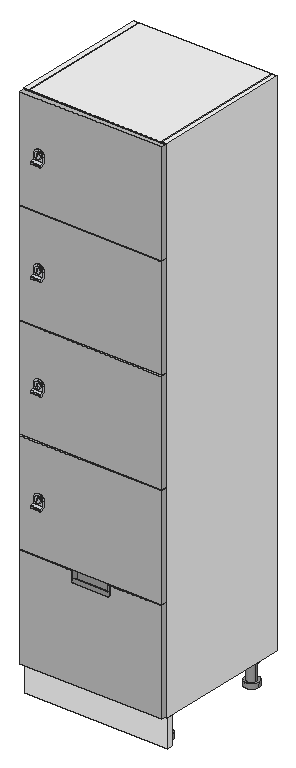
Revit family "1900H Locker 4 Door 1 Drawer", category Casework, Revit 2016
Family settings
  OmniClass Number = 23.40.35.00
  OmniClass Title = Casework
  Work Plane-Based = No
  Always vertical = Yes
  Cut with Voids When Loaded = No
  Shared = No
  Room Calculation Point = No
Parameters (values of type "LW519C5ABNP")
  WarrantyGuarantorParts = "www.bisley.com"  # constant formula
  WarrantyGuarantorLabour = "www.bisley.com"  # constant formula
  WarrantyDurationUnit = "Years"  # constant formula
  WarrantyDurationParts = "5"  # constant formula
  WarrantyDurationLabour = "5"  # constant formula
  WarrantyDescription = "5 Years Parts & Labour"  # constant formula
  Uniclass2015Version = "3.1"  # constant formula
  Uniclass2015Title = "Lockers"  # constant formula
  Uniclass2015Code = "Pr_40_30_78_48"  # constant formula
  URL = "www.bisley.com"
  SustainabilityPerformance = "FSC Approved"  # constant formula
  SerialNumber = ""
  NominalWidth = Width  # 500 mm
  NominalLength = Depth  # 500 mm
  NominalHeight = Height  # 1900 mm
  Name = "1900H 4 Door 1 Drawer"  # constant formula
  NBSReference = "45-35-80/380"  # constant formula
  NBSDescription = "General fittings, furnishings and equipment system"  # constant formula
  ModelReference = "LW519C5ABNP"
  Model = "Lockerwall"  # constant formula
  Material = "MFC"  # constant formula
  ManufacturerURL = "www.bisley.com"  # constant formula
  Manufacturer = "Bisley"  # constant formula
  ManufactureName = "Bisley"  # constant formula
  M3 Lock = no
  Foot [instance] = Foot 100 : Foot 100
  Finish = "Matt"  # constant formula
  E4 Lock = no
  DurationUnit = "Years"  # constant formula
  Depth = 500 mm
  Height = 1900 mm
  Width = 500 mm
  Carcass Material = "MFC"  # constant formula
  Author = "Bisley"  # constant formula
  AssetType = "Fixed"  # constant formula
  AB Lock = yes
Reference planes
  plane 1 "Back": y = 0
  plane 2: z = 0
  plane 3 "Center (Left/Right)": x = 44.7
  plane 4 "Front": y = -500
  plane 5 "Left": x = -205.3
  plane 6 "Right": x = 294.7
  plane 7 "Top": z = 1900
  plane 8 "Base": z = 98
  plane 9 "Base Left": x = -187.3
  plane 10 "Base Right": x = 276.7
  plane 11: y = -482
  plane 12: y = -10.5
  plane 13: y = -29.5
  plane 14 "Back Base": z = 110.5
  plane 15: z = 1887.5
  plane 16: z = 95
  plane 17 "Plinth": y = -477
  plane 18: y = -459
  plane 19: z = 101
  plane 20: z = 457
  plane 21: z = 461
  plane 22: z = 817
  plane 23: z = 821
  plane 24: z = 1177
  plane 25: x = -203.3
  plane 26: x = 292.7
  plane 27 "Shelf 2": z = 810
  plane 28 "Shelf 1": z = 450
  plane 29 "Shelf 3": z = 1170
  plane 30: z = 1181
  plane 31: z = 1537
  plane 32: z = 1528
  plane 33: z = 1541
  plane 34: z = 1897
  plane 35: x = -21.8
  plane 36: x = 111.2
  plane 37: z = 421.02
  plane 38: z = 426.02
  plane 39: x = -16.8
  plane 40: x = 106.2
  plane 41: z = 426.02
Forms (mm)
  Extrusion 1, solid, not visible
    sketch origin (-1691.73, 346.204, -12) x (1, 0, 0) y (0, 0, 1)
      loop
        line (48, 12) -> (56, 12) -> (56, 20) -> (48, 20) -> (48, 12)
    from 0 to 26
  Extrusion 2, solid, not visible
    sketch origin (-1683.73, 346.204, -12) x (-1, 0, 0) y (0, 0, -1)
      loop
        line (48, -12) -> (48, -20) -> (56, -20) -> (56, -12) -> (48, -12)
    from 0 to 26
  Extrusion 3, solid, not visible
    sketch origin (-1687.73, 350.204, -3.997) x (0, 1, 0) y (0, 0, 1)
      loop
        line (-26, 3.997) -> (-26, 11.997) -> (-34, 11.997) -> (-34, 3.997) -> (-26, 3.997)
    from -52 to 52
  Extrusion 4, solid, material "MFC 1"
    sketch origin (0, 0, 0) x (1, 0, 0) y (0, 1, 0)
      loop
        line (-205.3, -482) -> (-187.3, -482) -> (-187.3, 0) -> (-205.3, 0) -> (-205.3, -482)
    from 98 to 1900
  Extrusion 5, solid, material "MFC 1"
    sketch origin (0, 0, 98) x (-1, 0, 0) y (0, -1, 0)
      loop
        line (-276.7, 482) -> (-294.7, 482) -> (-294.7, 0) -> (-276.7, 0) -> (-276.7, 482)
    from 0 to 1802
  Extrusion 6, solid, material "MFC 1"
    sketch origin (0, 0, 98) x (-1, 0, 0) y (0, -1, 0)
      loop
        line (187.3, 482) -> (-276.7, 482) -> (-276.7, 0) -> (187.3, 0) -> (187.3, 482)
    from 0 to 18
  Extrusion 7, void
    sketch origin (276.7, 0, 0) x (0, 1, 0) y (0, 0, 1)
      loop
        line (-29.5, 110.5) -> (-10.5, 110.5) -> (-10.5, 116) -> (-29.5, 116) -> (-29.5, 110.5)
    from 0 to -464
  Extrusion 8, solid, material "MFC 1"
    sketch origin (0, 0, 1540) x (0, -1, 0) y (1, 0, 0)
      loop
        line (482, -187.3) -> (482, 276.7) -> (0, 276.7) -> (0, -187.3) -> (482, -187.3)
    from 360 to 342
  Extrusion 9, void
    sketch origin (276.7, 0, 0) x (0, 1, 0) y (0, 0, 1)
      loop
        line (-29.5, 1884.5) -> (-10.5, 1884.5) -> (-10.5, 1887.5) -> (-29.5, 1887.5) -> (-29.5, 1884.5)
    from 0 to -464
  Extrusion 10, solid, material "MFC 1"
    sketch origin (0, 0, 110.5) x (0, -1, 0) y (1, 0, 0)
      loop
        line (29.5, -187.3) -> (29.5, 276.7) -> (10.5, 276.7) -> (10.5, -187.3) -> (29.5, -187.3)
    from 0 to 1777
  Extrusion 11, solid, material "MFC 1"
    sketch origin (0, 0, 0) x (1, 0, 0) y (0, 1, 0)
      loop
        line (-205.3, -477) -> (294.7, -477) -> (294.7, -459) -> (-205.3, -459) -> (-205.3, -477)
    from 0 to 95
  Extrusion 12, solid, material "MFC 2"
    sketch origin (0, -500, 0) x (1, 0, 0) y (0, 0, 1)
      loop
        line (-203.3, 821) -> (292.7, 821) -> (292.7, 1177) -> (-203.3, 1177) -> (-203.3, 821)
    from 0 to -18
  Extrusion 13, solid, material "MFC 2"
    sketch origin (0, -500, 0) x (1, 0, 0) y (0, 0, 1)
      loop
        line (-203.3, 461) -> (292.7, 461) -> (292.7, 817) -> (-203.3, 817) -> (-203.3, 461)
    from 0 to -18
  Extrusion 14, solid, material "MFC 2"
    sketch origin (0, -500, 0) x (1, 0, 0) y (0, 0, 1)
      loop
        line (-203.3, 101) -> (292.7, 101) -> (292.7, 457) -> (-203.3, 457) -> (-203.3, 101)
    from 0 to -18
  Extrusion 15, solid, material "MFC 1"
    sketch origin (0, 0, 450) x (-1, 0, 0) y (0, -1, 0)
      loop
        line (187.3, 482) -> (-276.7, 482) -> (-276.7, 29.5) -> (187.3, 29.5) -> (187.3, 482)
    from 0 to 18
  Extrusion 16, solid, material "MFC 1"
    sketch origin (0, 0, 810) x (-1, 0, 0) y (0, -1, 0)
      loop
        line (187.3, 482) -> (-276.7, 482) -> (-276.7, 29.5) -> (187.3, 29.5) -> (187.3, 482)
    from 0 to 18
  Extrusion 17, solid, material "MFC 1"
    sketch origin (0, 0, 1170) x (-1, 0, 0) y (0, -1, 0)
      loop
        line (187.3, 482) -> (-276.7, 482) -> (-276.7, 29.5) -> (187.3, 29.5) -> (187.3, 482)
    from 0 to 18
  Extrusion 18, solid, material "MFC 2"
    sketch origin (0, -500, 0) x (1, 0, 0) y (0, 0, 1)
      loop
        line (-203.3, 1181) -> (292.7, 1181) -> (292.7, 1537) -> (-203.3, 1537) -> (-203.3, 1181)
    from 0 to -18
  Extrusion 19, solid, material "MFC 1"
    sketch origin (0, 0, 1528) x (-1, 0, 0) y (0, -1, 0)
      loop
        line (187.3, 482) -> (-276.7, 482) -> (-276.7, 29.5) -> (187.3, 29.5) -> (187.3, 482)
    from 0 to 18
  Extrusion 20, solid, material "MFC 2"
    sketch origin (0, -500, 360) x (1, 0, 0) y (0, 0, 1)
      loop
        line (-203.3, 1181) -> (292.7, 1181) -> (292.7, 1537) -> (-203.3, 1537) -> (-203.3, 1181)
    from 0 to -18
  Extrusion 21, void
    sketch origin (0, -500, 0) x (1, 0, 0) y (0, 0, 1)
      loop
        line (111.2, 457) -> (-21.8, 457) -> (-21.8, 426.02)
        arc (-21.8, 426.02) -> (-20.335, 422.485) -> (-16.8, 421.02) r 5
        line (-16.8, 421.02) -> (106.2, 421.02)
        arc (106.2, 421.02) -> (109.736, 422.485) -> (111.2, 426.02) r 5
        line (111.2, 426.02) -> (111.2, 457)
    from 0 to -18
Cuts and joins
  Extrusion 7, Extrusion 9 cuts Extrusion 5
  Extrusion 7 cuts Extrusion 6
  Extrusion 9 cuts Extrusion 4
  Extrusion 9 cuts Extrusion 8
  Extrusion 21 cuts Extrusion 14
  Extrusion 21 cuts Extrusion 15
Dimensions and locks
  "Width": plane 6 "Right" to plane 5 "Left"
  equal spacing: plane 6 "Right", plane 3 "Center (Left/Right)", plane 5 "Left"
  "Depth": plane 4 "Front" to plane 1 "Back"
  "Height": level to plane 7 "Top"
  locked: plane 5 "Left" to plane 9 "Base Left" at 18
  locked: plane 10 "Base Right" to plane 6 "Right" at 18
  locked: plane 7 "Top" to plane 15 at 12.5
  Extrusion 10 to plane 1 "Back" = 10.5 mm
  locked: nested 1 to plane 6 "Right" at 68
  locked: nested 2 to plane 6 "Right" at 68
  locked: plane 1 "Back" to nested 3 at 79.5
  locked: plane 11 to plane 4 "Front" at 18
  locked: plane 17 "Plinth" to plane 4 "Front" at 23
  locked: plane 18 to plane 4 "Front" at 41
  locked: nested 1 to plane 4 "Front" at 91
  locked: plane 5 "Left" to nested 4 at 68
  locked: plane 5 "Left" to nested 3 at 68
  locked: plane 4 "Front" to nested 4 at 91
  locked: plane 6 "Right" to plane 26 at 2
  locked: plane 25 to plane 5 "Left" at 2
  locked: plane 5 "Left" to nested 6 at 51
  locked: plane 5 "Left" to nested 5 at 51
  locked: plane 5 "Left" to nested 8 at 40.5
  locked: plane 5 "Left" to nested 7 at 40.5
  locked: plane 5 "Left" to nested 10 at 54.3
  locked: plane 5 "Left" to nested 9 at 54.3
  locked: plane 5 "Left" to nested 13 at 40.5
  locked: plane 5 "Left" to nested 11 at 51
  locked: plane 5 "Left" to nested 12 at 54.3
  locked: plane 5 "Left" to nested 16 at 40.5
  locked: plane 5 "Left" to nested 14 at 51
  locked: plane 5 "Left" to nested 15 at 54.3
  aligned and locked: level to plane 2
  aligned and locked: Extrusion 4 sketch curve to plane 11
  aligned and locked: Extrusion 4 sketch curve to plane 5 "Left"
  aligned and locked: Extrusion 4 sketch curve to plane 1 "Back"
  aligned and locked: plane 9 "Base Left" to Extrusion 4 sketch curve
  aligned and locked: Extrusion 4 to plane 8 "Base"
  aligned and locked: Extrusion 4 to plane 7 "Top"
  aligned and locked: Extrusion 5 sketch curve to plane 11
  aligned and locked: Extrusion 5 sketch curve to plane 10 "Base Right"
  aligned and locked: Extrusion 5 sketch curve to plane 1 "Back"
  aligned and locked: plane 6 "Right" to Extrusion 5 sketch curve
  aligned and locked: Extrusion 5 to plane 7 "Top"
  aligned and locked: Extrusion 5 to plane 8 "Base"
  aligned and locked: Extrusion 4 to Extrusion 6 sketch curve
  aligned and locked: Extrusion 6 sketch curve to Extrusion 4
  aligned and locked: Extrusion 5 to Extrusion 6 sketch curve
  aligned and locked: Extrusion 6 sketch curve to Extrusion 5
  aligned and locked: plane 6 "Right" to Extrusion 5
  aligned and locked: Extrusion 7 to plane 9 "Base Left"
  aligned and locked: plane 10 "Base Right" to Extrusion 7
  aligned and locked: Extrusion 8 sketch curve to cut or joined group of Extrusion 6, Extrusion 7  (x2)
  aligned and locked: Extrusion 8 sketch curve to Extrusion 4
  aligned and locked: Extrusion 8 sketch curve to cut or joined group of Extrusion 5, Extrusion 7, Extrusion 9
  aligned and locked: plane 15 to Extrusion 9 sketch curve
  aligned and locked: Extrusion 10 sketch curve to cut or joined group of Extrusion 6, Extrusion 7  (x2)
  aligned and locked: cut or joined group of Extrusion 6, Extrusion 7 to Extrusion 10 sketch curve  (x2)
  aligned and locked: Extrusion 10 to plane 14 "Back Base"
  aligned and locked: plane 15 to Extrusion 10
  aligned and locked: Extrusion 9 to plane 9 "Base Left"
  aligned and locked: Extrusion 11 sketch curve to plane 17 "Plinth"
  aligned and locked: Extrusion 11 sketch curve to plane 5 "Left"
  aligned and locked: Extrusion 11 sketch curve to plane 18
  aligned and locked: plane 6 "Right" to Extrusion 11 sketch curve
  aligned and locked: Extrusion 11 to plane 5 "Left"
  aligned and locked: plane 6 "Right" to Extrusion 11
  aligned and locked: Extrusion 5 to plane 11
  aligned and locked: Extrusion 4 to plane 11
  aligned and locked: Extrusion 12 to plane 25
  aligned and locked: plane 26 to Extrusion 12
  aligned and locked: Extrusion 12 to plane 23
  aligned and locked: Extrusion 12 to plane 24
  aligned and locked: Extrusion 13 sketch curve to plane 21
  aligned and locked: Extrusion 13 sketch curve to plane 25
  aligned and locked: Extrusion 13 sketch curve to plane 22
  aligned and locked: plane 26 to Extrusion 13 sketch curve
  aligned and locked: Extrusion 14 sketch curve to plane 19
  aligned and locked: Extrusion 14 sketch curve to plane 25
  aligned and locked: Extrusion 14 sketch curve to plane 20
  aligned and locked: plane 26 to Extrusion 14 sketch curve
  aligned and locked: Extrusion 15 sketch curve to cut or joined group of Extrusion 6, Extrusion 7  (x2)
  aligned and locked: cut or joined group of Extrusion 6, Extrusion 7 to Extrusion 15 sketch curve
  aligned and locked: nested 2 to Extrusion 15 sketch curve
  aligned and locked: Extrusion 16 sketch curve to cut or joined group of Extrusion 6, Extrusion 7  (x2)
  aligned and locked: cut or joined group of Extrusion 6, Extrusion 7 to Extrusion 16 sketch curve
  aligned and locked: nested 2 to Extrusion 16 sketch curve
  aligned and locked: Extrusion 8 to plane 7 "Top"
  aligned and locked: Extrusion 17 sketch curve to cut or joined group of Extrusion 6, Extrusion 7  (x2)
  aligned and locked: cut or joined group of Extrusion 6, Extrusion 7 to Extrusion 17 sketch curve
  aligned and locked: nested 2 to Extrusion 17 sketch curve
  aligned and locked: Extrusion 18 sketch curve to plane 30
  aligned and locked: Extrusion 18 sketch curve to plane 25
  aligned and locked: Extrusion 18 sketch curve to plane 31
  aligned and locked: plane 26 to Extrusion 18 sketch curve
  aligned and locked: cut or joined group of Extrusion 5, Extrusion 7, Extrusion 9 to Extrusion 8
  aligned and locked: Extrusion 20 sketch curve to plane 33
  aligned and locked: Extrusion 20 sketch curve to plane 34
Automatic sketch dimensions
  Extrusion 1 sketch curve to Extrusion 1 sketch curve = 8 mm  (x2)
  Extrusion 2 sketch curve to Extrusion 2 sketch curve = 8 mm  (x2)
  Extrusion 3 sketch curve to Extrusion 3 sketch curve = 8 mm  (x2)
  Extrusion 7 sketch curve to plane 13 = 0 mm
  Extrusion 7 sketch curve to plane 12 = 0 mm
  Extrusion 7 sketch curve to plane 14 "Back Base" = 0 mm
  Extrusion 7 sketch curve to Extrusion 7 sketch curve = 5.5 mm
  Extrusion 9 sketch curve to plane 13 = 0 mm
  Extrusion 9 sketch curve to plane 12 = 0 mm
  Extrusion 9 sketch curve to plane 15 = 3 mm
  Extrusion 12 sketch curve to plane 24 = 0 mm
  Extrusion 12 sketch curve to plane 25 = 0 mm
  Extrusion 12 sketch curve to plane 26 = 0 mm
  Extrusion 12 sketch curve to plane 23 = 0 mm
  Extrusion 19 sketch curve to plane 10 "Base Right" = 0 mm
  Extrusion 19 sketch curve to plane 9 "Base Left" = 0 mm
  Extrusion 19 sketch curve to plane 13 = 0 mm
  Extrusion 19 sketch curve to plane 11 = 0 mm
  Extrusion 20 sketch curve to plane 25 = 0 mm
  Extrusion 20 sketch curve to plane 26 = 0 mm
  Extrusion 21 sketch curve to plane 20 = 0 mm
  Extrusion 21 sketch curve to plane 35 = 0 mm
  Extrusion 21 sketch curve to plane 38 = 0 mm  (x2)
  Extrusion 21 sketch curve to plane 40 = 0 mm
  Extrusion 21 sketch curve to plane 36 = 0 mm
Nested families
  nested 1: "Foot 100" at (296.401, -409, 0) x (-1, 0, 0) z (0, 0, 1), type "Foot 100"
  nested 2: "Foot 100" at (296.401, -29.5, 0) x (-1, 0, 0) z (0, 0, 1), type "Foot 100"
  nested 3: "Foot 100" at (-207, -29.5, 0), type "Foot 100"
  nested 4: "Foot 100" at (-207, -409, 0), type "Foot 100"
  nested 5: "AB Lock" at (-182, -500, 613), visible <- "AB Lock", type "AB Lock"
  nested 6: "AB Lock" at (-182, -500, 973), visible <- "AB Lock", type "AB Lock"
  nested 7: "M3 Lock" at (-193, -500, 616), visible <- "M3 Lock", type "M3 Lock"
  nested 8: "M3 Lock" at (-193, -500, 976), visible <- "M3 Lock", type "M3 Lock"
  nested 9: "E4 Lock" at (-183, -500, 625), visible <- "E4 Lock", type "E4 Lock"
  nested 10: "E4 Lock" at (-183, -500, 985), visible <- "E4 Lock", type "E4 Lock"
  nested 11: "AB Lock" at (-182, -500, 1333), visible <- "AB Lock", type "AB Lock"
  nested 12: "E4 Lock" at (-183, -500, 1345), visible <- "E4 Lock", type "E4 Lock"
  nested 13: "M3 Lock" at (-193, -500, 1336), visible <- "M3 Lock", type "M3 Lock"
  nested 14: "AB Lock" at (-182, -500, 1693), visible <- "AB Lock", type "AB Lock"
  nested 15: "E4 Lock" at (-183, -500, 1705), visible <- "E4 Lock", type "E4 Lock"
  nested 16: "M3 Lock" at (-193, -500, 1696), visible <- "M3 Lock", type "M3 Lock"
  nested 17: "Drawer Handle" at (0, -481, 421), type "Drawer Handle"
Definition of nested family "Foot 100"
  Parameters (values of type "Foot 100")
    WarrantyGuarantorParts = "www.bisley.com"  # constant formula
    WarrantyGuarantorLabour = "www.bisley.com"  # constant formula
    WarrantyDurationUnit = "Years"  # constant formula
    WarrantyDurationParts = "5"  # constant formula
    WarrantyDurationLabour = "5"  # constant formula
    WarrantyDescription = "5 Years Parts & Labour"  # constant formula
    Uniclass2015Version = ""
    Uniclass2015Title = ""
    Uniclass2015Code = ""
    URL = "www.bisley.com"
    SustainabilityPerformance = "FSC Approved"  # constant formula
    SerialNumber = ""
    NominalWidth = Width  # 50 mm
    NominalLength = Depth  # 50 mm
    NominalHeight = Height  # 900 mm
    Name = ""
    NBSReference = ""
    NBSDescription = "General fittings, furnishings and equipment system"  # constant formula
    ModelReference = ""
    Model = "Abode"  # constant formula
    Material = "MFC"  # constant formula
    ManufacturerURL = "www.bisley.com"  # constant formula
    Manufacturer = "Bisley"  # constant formula
    ManufactureName = "Bisley"  # constant formula
    Finish = "Matt"  # constant formula
    ExpectedLife = "25"  # constant formula
    DurationUnit = "Years"  # constant formula
    Depth = 50 mm
    Height = 900 mm
    Width = 50 mm
    Carcass Material = "MFC"  # constant formula
    Author = "Bisley"  # constant formula
    AssetType = "Fixed"  # constant formula
  Reference planes
    plane 1 "Back": y = 0
    plane 2: z = 0
    plane 3 "Center (Left/Right)": x = 44.7
    plane 4 "Front": y = -50
    plane 5 "Left": x = 19.7
    plane 6 "Right": x = 69.7
    plane 7 "Top": z = 900
    plane 8: y = -25
    plane 9 "Foot top": z = 98
    plane 10: y = 0
    plane 11: y = -50
    plane 12: x = 19.7
    plane 13: x = 69.7
    plane 14: x = 24.7
    plane 15: y = -5
  Forms (mm)
    Extrusion 1, solid, not visible
      sketch origin (-1691.73, 346.204, -12) x (1, 0, 0) y (0, 0, 1)
        loop
          line (48, 12) -> (56, 12) -> (56, 20) -> (48, 20) -> (48, 12)
      from 0 to 26
    Extrusion 2, solid, not visible
      sketch origin (-1683.73, 346.204, -12) x (-1, 0, 0) y (0, 0, -1)
        loop
          line (48, -12) -> (48, -20) -> (56, -20) -> (56, -12) -> (48, -12)
      from 0 to 26
    Extrusion 3, solid, not visible
      sketch origin (-1687.73, 350.204, -3.997) x (0, 1, 0) y (0, 0, 1)
        loop
          line (-26, 3.997) -> (-26, 11.997) -> (-34, 11.997) -> (-34, 3.997) -> (-26, 3.997)
      from -52 to 52
    Extrusion 4, solid
      sketch origin (0, 275, 0) x (1, 0, 0) y (0, 1, 0)
        loop
          circle (44.7, -300) r 25
      from 0 to 15
    Extrusion 5, solid
      sketch origin (0, 275, 0) x (1, 0, 0) y (0, 1, 0)
        loop
          circle (44.7, -300) r 15
      from 15 to 78
    Extrusion 6, solid
      sketch origin (0, 275, 0) x (1, 0, 0) y (0, 1, 0)
        loop
          circle (44.7, -300) r 25
      from 78 to 98
    Extrusion 7, solid
      sketch origin (0, 275, 98) x (-1, 0, 0) y (0, -1, 0)
        loop
          line (-19.7, 325) -> (-69.7, 325) -> (-69.7, 275) -> (-19.7, 275) -> (-19.7, 325)
      from 0 to -10
    Extrusion 8, void
      sketch origin (0, 275, 98) x (-1, 0, 0) y (0, -1, 0)
        loop
          circle (-24.7, 280) r 2.5
      from 0 to -10
    Extrusion 9, void
      sketch origin (89.401, 275, 98) x (1, 0, 0) y (0, 1, 0)
        loop
          circle (-24.7, -280) r 2.5
      from 0 to -10
    Extrusion 10, void
      sketch origin (0, -325, 98) x (-1, 0, 0) y (0, -1, 0)
        loop
          circle (-24.7, -280) r 2.5
      from 0 to -10
    Extrusion 11, void
      sketch origin (89.401, -325, 98) x (1, 0, 0) y (0, 1, 0)
        loop
          circle (-24.7, 280) r 2.5
      from 0 to -10
  Cuts and joins
    Extrusion 8, Extrusion 9, Extrusion 10, Extrusion 11 cuts Extrusion 4
    Extrusion 8, Extrusion 9, Extrusion 10, Extrusion 11 cuts Extrusion 5
    Extrusion 8, Extrusion 9, Extrusion 10, Extrusion 11 cuts Extrusion 6
    Extrusion 8, Extrusion 9, Extrusion 10, Extrusion 11 cuts Extrusion 7
    joined: Extrusion 4, Extrusion 5, Extrusion 6, Extrusion 7
  Dimensions and locks
    "Width": plane 6 "Right" to plane 5 "Left"
    equal spacing: plane 6 "Right", plane 3 "Center (Left/Right)", plane 5 "Left"
    "Depth": plane 4 "Front" to plane 1 "Back"
    "Height": level to plane 7 "Top"
    aligned and locked: level to plane 2
    aligned and locked: Extrusion 5 to Extrusion 4
    aligned and locked: Extrusion 4 to level
    aligned and locked: Extrusion 6 to Extrusion 5
    aligned and locked: plane 9 "Foot top" to Extrusion 6
  Automatic sketch dimensions
    Extrusion 1 sketch curve to Extrusion 1 sketch curve = 8 mm  (x2)
    Extrusion 2 sketch curve to Extrusion 2 sketch curve = 8 mm  (x2)
    Extrusion 3 sketch curve to Extrusion 3 sketch curve = 8 mm  (x2)
    Extrusion 4 sketch curve to plane 3 "Center (Left/Right)" = 0 mm
    plane 8 to Extrusion 4 sketch curve = 0 mm
    Extrusion 5 sketch curve to plane 3 "Center (Left/Right)" = 0 mm
    plane 8 to Extrusion 5 sketch curve = 0 mm
    Extrusion 6 sketch curve to plane 3 "Center (Left/Right)" = 0 mm
    plane 8 to Extrusion 6 sketch curve = 0 mm
    Extrusion 7 sketch curve to plane 11 = 0 mm
    Extrusion 7 sketch curve to plane 13 = 0 mm
    plane 10 to Extrusion 7 sketch curve = 0 mm
    Extrusion 7 sketch curve to plane 12 = 0 mm
    Extrusion 8 sketch curve to plane 14 = 0 mm
    Extrusion 8 sketch curve to plane 15 = 0 mm
    plane 15 to Extrusion 9 sketch curve = 0 mm
    plane 13 to Extrusion 9 sketch curve = 5 mm
    Extrusion 10 sketch curve to plane 14 = 0 mm
    Extrusion 10 sketch curve to plane 11 = 5 mm
    Extrusion 11 sketch curve to plane 13 = 5 mm
    plane 11 to Extrusion 11 sketch curve = 5 mm
    radius of Extrusion 4 sketch curve = 25 mm
    radius of Extrusion 5 sketch curve = 15 mm
    radius of Extrusion 6 sketch curve = 25 mm
    radius of Extrusion 8 sketch curve = 2.5 mm
    radius of Extrusion 9 sketch curve = 2.5 mm
    radius of Extrusion 10 sketch curve = 2.5 mm
    radius of Extrusion 11 sketch curve = 2.5 mm
Definition of nested family "AB Lock"
  Parameters (values of type "AB Lock")
    WarrantyGuarantorParts = "www.bisley.com"  # constant formula
    WarrantyGuarantorLabour = "www.bisley.com"  # constant formula
    WarrantyDurationUnit = "Years"  # constant formula
    WarrantyDurationParts = "5"  # constant formula
    WarrantyDurationLabour = "5"  # constant formula
    WarrantyDescription = "5 Years Parts & Labour"  # constant formula
    Uniclass2015Version = ""
    Uniclass2015Title = ""
    Uniclass2015Code = ""
    URL = "www.bisley.com"
    SustainabilityPerformance = "FSC Approved"  # constant formula
    SerialNumber = ""
    NominalWidth = Width  # 34 mm
    NominalLength = Depth  # 15 mm
    NominalHeight = Height  # 45 mm
    Name = ""
    NBSReference = ""
    NBSDescription = "General fittings, furnishings and equipment system"  # constant formula
    ModelReference = ""
    Model = "Abode"  # constant formula
    Material = "MFC"  # constant formula
    ManufacturerURL = "www.bisley.com"  # constant formula
    Manufacturer = "Bisley"  # constant formula
    ManufactureName = "Bisley"  # constant formula
    Finish = "Matt"  # constant formula
    ExpectedLife = "25"  # constant formula
    DurationUnit = "Years"  # constant formula
    Depth = 15 mm
    Height = 45 mm
    Width = 34 mm
    Carcass Material = "MFC"  # constant formula
    Author = "Bisley"  # constant formula
    AssetType = "Fixed"  # constant formula
  Reference planes
    plane 1 "Back": y = 0
    plane 2: z = 0
    plane 3 "Center (Left/Right)": x = 44.7
    plane 4 "Front": y = -15
    plane 5 "Left": x = 27.7
    plane 6 "Right": x = 61.7
    plane 7 "Top": z = 45
    plane 8: z = 28
    plane 9: z = 3
    plane 10: x = 31.2
    plane 11: x = 58.2
    plane 12: z = 6
    plane 13: y = -12
    plane 14: z = 10
    plane 15 "Lockback": y = -3
    plane 16: x = 43.2
    plane 17: x = 46.2
    plane 18: z = 32
    plane 19: z = 24
  Forms (mm)
    Extrusion 1, solid, not visible
      sketch origin (-1691.73, 346.204, -12) x (1, 0, 0) y (0, 0, 1)
        loop
          line (48, 12) -> (56, 12) -> (56, 20) -> (48, 20) -> (48, 12)
      from 0 to 26
    Extrusion 2, solid, not visible
      sketch origin (-1683.73, 346.204, -12) x (-1, 0, 0) y (0, 0, -1)
        loop
          line (48, -12) -> (48, -20) -> (56, -20) -> (56, -12) -> (48, -12)
      from 0 to 26
    Extrusion 3, solid, not visible
      sketch origin (-1687.73, 350.204, -3.997) x (0, 1, 0) y (0, 0, 1)
        loop
          line (-26, 3.997) -> (-26, 11.997) -> (-34, 11.997) -> (-34, 3.997) -> (-26, 3.997)
      from -52 to 52
    Extrusion 4, solid
      sketch origin (0, 0, 0) x (1, 0, 0) y (0, 0, 1)
        loop
          line (27.7, 28) -> (27.7, 6) -> (61.7, 6) -> (61.7, 28)
          arc (61.7, 28) -> (44.7, 45) -> (27.7, 28) r 17
      from 0 to 3
    Extrusion 5, solid
      sketch origin (27.7, 0, 0) x (0, 1, 0) y (0, 0, 1)
        loop
          circle (-12, 3) r 3
      from 0 to 34
    Extrusion 6, solid
      sketch origin (27.7, 0, 0) x (0, 1, 0) y (0, 0, 1)
        loop
          line (0, 6) -> (-3, 10)
          arc (-3, 10) -> (-7.815, 8.71) -> (-12, 6) r 16
          arc (-12, 6) -> (-9.879, 5.121) -> (-9, 3) r 3
          arc (-9, 3) -> (-4.809, 5.427) -> (0, 6) r 12
      from 0 to 34
    Extrusion 7, void
      sketch origin (27.7, 0, 0) x (0, 1, 0) y (0, 0, 1)
        loop
          line (-3, 10) -> (-3, 6) -> (0, 6) -> (-3, 10)
      from 0 to 34
    Extrusion 8, solid
      sketch origin (0, -3, 0) x (-1, 0, 0) y (0, 0, 1)
        loop
          circle (-44.7, 28) r 10.5
      from 0 to -3
    Extrusion 9, void
      sketch origin (0, -3, 0) x (-1, 0, 0) y (0, 0, 1)
        loop
          line (-43.2, 24) -> (-43.2, 32) -> (-46.2, 32) -> (-46.2, 24) -> (-43.2, 24)
      from 0 to -3
  Cuts and joins
    Extrusion 7, Extrusion 9 cuts Extrusion 4
    Extrusion 9 cuts Extrusion 5
    Extrusion 9 cuts Extrusion 6
    joined: Extrusion 4, Extrusion 5, Extrusion 6
    Extrusion 9 cuts Extrusion 8
  Lines and regions (mm)
    reference lines
      curve 1: arc (27.7, 0, 6) -> (27.7, -4.809, 5.427) -> (27.7, -9, 3) r 12
      curve 2: arc (27.7, -3, 10) -> (27.7, -7.815, 8.71) -> (27.7, -12, 6) r 16
  Dimensions and locks
    "Width": plane 6 "Right" to plane 5 "Left"
    equal spacing: plane 6 "Right", plane 3 "Center (Left/Right)", plane 5 "Left"
    "Depth": plane 4 "Front" to plane 1 "Back"
    "Height": level to plane 7 "Top"
    aligned and locked: level to plane 2
  Automatic sketch dimensions
    Extrusion 1 sketch curve to Extrusion 1 sketch curve = 8 mm  (x2)
    Extrusion 2 sketch curve to Extrusion 2 sketch curve = 8 mm  (x2)
    Extrusion 3 sketch curve to Extrusion 3 sketch curve = 8 mm  (x2)
    Extrusion 4 sketch curve to plane 5 "Left" = 0 mm
    Extrusion 4 sketch curve to plane 6 "Right" = 0 mm
    Extrusion 4 sketch curve to plane 12 = 0 mm
    Extrusion 4 sketch curve to plane 8 = 0 mm
    Extrusion 5 sketch curve to plane 9 = 0 mm
    Extrusion 5 sketch curve to plane 13 = 0 mm
    curve 2 to plane 12 = 0 mm
    curve 2 to plane 13 = 0 mm
    curve 1 to plane 9 = 0 mm
    plane 14 to curve 2 = 0 mm
    curve 1 to plane 1 "Back" = 0 mm
    curve 1 to plane 12 = 0 mm
    plane 1 "Back" to curve 2 = 1.317 mm
    curve 2 to curve 1 = 0.303 mm
    curve 2 to level = 5.911 mm
    curve 1 to curve 2 = 0.046 mm
    Extrusion 6 sketch curve to plane 12 = 0 mm  (x2)
    Extrusion 6 sketch curve to plane 13 = 0 mm
    Extrusion 6 sketch curve to plane 9 = 0 mm
    plane 14 to Extrusion 6 sketch curve = 0 mm
    Extrusion 6 sketch curve to plane 1 "Back" = 0 mm
    plane 1 "Back" to Extrusion 6 sketch curve = 3 mm
    plane 1 "Back" to Extrusion 6 sketch curve = 1.317 mm
    Extrusion 6 sketch curve to Extrusion 6 sketch curve = 0.303 mm
    Extrusion 7 sketch curve to plane 12 = 0 mm
    plane 14 to Extrusion 7 sketch curve = 0 mm
    Extrusion 7 sketch curve to plane 1 "Back" = 0 mm
    plane 1 "Back" to Extrusion 7 sketch curve = 3 mm
    Extrusion 8 sketch curve to plane 3 "Center (Left/Right)" = 0 mm
    Extrusion 8 sketch curve to plane 8 = 0 mm
    Extrusion 9 sketch curve to plane 17 = 0 mm
    Extrusion 9 sketch curve to plane 16 = 0 mm
    Extrusion 9 sketch curve to plane 19 = 0 mm
    Extrusion 9 sketch curve to plane 18 = 0 mm
    radius of Extrusion 5 sketch curve = 3 mm
    radius of Extrusion 8 sketch curve = 10.5 mm
Definition of nested family "M3 Lock"
  Parameters (values of type "M3 Lock")
    WarrantyGuarantorParts = "www.bisley.com"  # constant formula
    WarrantyGuarantorLabour = "www.bisley.com"  # constant formula
    WarrantyDurationUnit = "Years"  # constant formula
    WarrantyDurationParts = "5"  # constant formula
    WarrantyDurationLabour = "5"  # constant formula
    WarrantyDescription = "5 Years Parts & Labour"  # constant formula
    Uniclass2015Version = ""
    Uniclass2015Title = ""
    Uniclass2015Code = ""
    URL = "www.bisley.com"
    SustainabilityPerformance = "FSC Approved"  # constant formula
    SerialNumber = ""
    NominalWidth = Width  # 33 mm
    NominalLength = Depth  # 21.5 mm
    NominalHeight = Height  # 83.5 mm
    Name = ""
    NBSReference = ""
    NBSDescription = "General fittings, furnishings and equipment system"  # constant formula
    ModelReference = ""
    Model = "Abode"  # constant formula
    Material = "MFC"  # constant formula
    ManufacturerURL = "www.bisley.com"  # constant formula
    Manufacturer = "Bisley"  # constant formula
    ManufactureName = "Bisley"  # constant formula
    Finish = "Matt"  # constant formula
    ExpectedLife = "25"  # constant formula
    DurationUnit = "Years"  # constant formula
    Depth = 21.5 mm
    Height = 83.5 mm
    Width = 33 mm
    Carcass Material = "MFC"  # constant formula
    Author = "Bisley"  # constant formula
    AssetType = "Fixed"  # constant formula
  Reference planes
    plane 1 "Back": y = 0
    plane 2: z = 0
    plane 3 "Center (Left/Right)": x = 44.7
    plane 4 "Front": y = -21.5
    plane 5 "Left": x = 28.2
    plane 6 "Right": x = 61.2
    plane 7 "Top": z = 83.5
    plane 8 "BackFront": y = -3.045
    plane 9: x = 32.2
    plane 10: z = 79.5
    plane 11: x = 57.2
    plane 12: z = 4
    plane 13: x = 32.2
    plane 14: x = 57.2
    plane 15 "Barrel Base": z = 30.5
    plane 16: x = 40.5
    plane 17: x = 48.9
    plane 18: y = -4.445
    plane 19: z = 74.5
    plane 20 "L4": z = 69.8
    plane 21: z = 64.9
    plane 22 "L3": z = 60.2
    plane 23: z = 55.3
    plane 24 "L2": z = 50.6
    plane 25: z = 45.7
    plane 26 "L1": z = 41
    plane 27: x = 38.2
    plane 28: x = 51.2
    plane 29: y = -4.945
    plane 30: z = 40.5
    plane 31 "l-1": z = 38.5
    plane 32: z = 16
    plane 33: y = -9.045
    plane 34 "Thumbturn": y = -19.5
    plane 35: x = 43.2
    plane 36: x = 46.2
    plane 37: z = 20
    plane 38: z = 12
  Forms (mm)
    Extrusion 1, solid, not visible
      sketch origin (-1691.73, 346.204, -12) x (1, 0, 0) y (0, 0, 1)
        loop
          line (48, 12) -> (56, 12) -> (56, 20) -> (48, 20) -> (48, 12)
      from 0 to 26
    Extrusion 2, solid, not visible
      sketch origin (-1683.73, 346.204, -12) x (-1, 0, 0) y (0, 0, -1)
        loop
          line (48, -12) -> (48, -20) -> (56, -20) -> (56, -12) -> (48, -12)
      from 0 to 26
    Extrusion 3, solid, not visible
      sketch origin (-1687.73, 350.204, -3.997) x (0, 1, 0) y (0, 0, 1)
        loop
          line (-26, 3.997) -> (-26, 11.997) -> (-34, 11.997) -> (-34, 3.997) -> (-26, 3.997)
      from -52 to 52
    Extrusion 4, solid
      sketch origin (0, 0, 0) x (1, 0, 0) y (0, 0, 1)
        loop
          line (28.2, 0) -> (61.2, 0) -> (61.2, 83.5) -> (28.2, 83.5) -> (28.2, 0)
      from 0 to 3
    Extrusion 5, void
      sketch origin (0, 0, 0) x (1, 0, 0) y (0, 0, 1)
        loop
          arc (28.2, 79.5) -> (29.372, 82.328) -> (32.2, 83.5) r 4
          line (32.2, 83.5) -> (28.2, 83.5) -> (28.2, 79.5)
      from 0 to 3
    Extrusion 6, void
      sketch origin (0, 0, 0) x (1, 0, 0) y (0, 0, 1)
        loop
          arc (57.2, 83.5) -> (60.029, 82.328) -> (61.2, 79.5) r 4
          line (61.2, 79.5) -> (61.2, 83.5) -> (57.2, 83.5)
      from 0 to 3
    Extrusion 7, void
      sketch origin (0, 0, 0) x (1, 0, 0) y (0, 0, 1)
        loop
          arc (32.2, 0) -> (29.372, 1.172) -> (28.2, 4) r 4
          line (28.2, 4) -> (28.2, 0) -> (32.2, 0)
      from 0 to 3
    Extrusion 8, void
      sketch origin (0, 0, 0) x (1, 0, 0) y (0, 0, 1)
        loop
          line (57.2, 0) -> (61.2, 0) -> (61.2, 4)
          arc (61.2, 4) -> (60.029, 1.172) -> (57.2, 0) r 4
      from 0 to 3
    Extrusion 9, solid
      sketch origin (0, 0, 30.5) x (-1, 0, 0) y (0, -1, 0)
        loop
          arc (-40.5, 3) -> (-44.7, 4.445) -> (-48.9, 3) r 6.827
          line (-48.9, 3) -> (-40.5, 3)
      from 0 to 49
    Extrusion 10, solid
      sketch origin (0, 0, 41) x (-1, 0, 0) y (0, -1, 0)
        loop
          arc (-38.2, 3) -> (-44.7, 4.945) -> (-51.2, 3) r 11.835
          line (-51.2, 3) -> (-38.2, 3)
      from 0 to 4.7
    Extrusion 11, solid
      sketch origin (0, 0, 50.6) x (-1, 0, 0) y (0, -1, 0)
        loop
          arc (-38.2, 3) -> (-44.7, 4.945) -> (-51.2, 3) r 11.835
          line (-51.2, 3) -> (-38.2, 3)
      from 0 to 4.7
    Extrusion 12, solid
      sketch origin (0, 0, 60.2) x (-1, 0, 0) y (0, -1, 0)
        loop
          arc (-38.2, 3) -> (-44.7, 4.945) -> (-51.2, 3) r 11.835
          line (-51.2, 3) -> (-38.2, 3)
      from 0 to 4.7
    Extrusion 13, solid
      sketch origin (0, 0, 69.8) x (-1, 0, 0) y (0, -1, 0)
        loop
          arc (-38.2, 3) -> (-44.7, 4.945) -> (-51.2, 3) r 11.835
          line (-51.2, 3) -> (-38.2, 3)
      from 0 to 4.7
    Extrusion 14, solid
      sketch origin (0, 0, 38.5) x (-1, 0, 0) y (0, -1, 0)
        loop
          arc (-38.2, 3) -> (-44.7, 4.945) -> (-51.2, 3) r 11.835
          line (-51.2, 3) -> (-38.2, 3)
      from 0 to 2
    Extrusion 15, solid
      sketch origin (0, -3.045, 0) x (-1, 0, 0) y (0, 0, 1)
        loop
          circle (-44.7, 16) r 14.25
      from 0 to -4
    Extrusion 16, solid
      sketch origin (0, -3.045, 0) x (-1, 0, 0) y (0, 0, 1)
        loop
          circle (-44.7, 16) r 12.7
      from 0 to -18.455
    Extrusion 17, void
      sketch origin (0, -21.5, 0) x (1, 0, 0) y (0, 0, 1)
        loop
          circle (44.7, 16) r 7.362
      from 0 to -1
    Extrusion 18, solid
      sketch origin (0, -21.5, 0) x (1, 0, 0) y (0, 0, 1)
        loop
          line (40.5, 29.617) -> (40.5, 27.985)
          arc (40.5, 27.985) -> (44.7, 28.7) -> (48.9, 27.985) r 12.7
          line (48.9, 27.985) -> (48.9, 29.617)
          arc (48.9, 29.617) -> (44.7, 30.25) -> (40.5, 29.617) r 14.25
      from 0 to -14.5
    Extrusion 19, solid
      sketch origin (0, -20.483, 0) x (1, 0, 0) y (0, 0, 1)
        loop
          circle (44.7, 16) r 13.48
      from 0 to -1.5
    Extrusion 20, void
      sketch origin (0, -21.5, 0) x (1, 0, 0) y (0, 0, 1)
        loop
          line (43.2, 12) -> (46.2, 12) -> (46.2, 20) -> (43.2, 20) -> (43.2, 12)
      from 0 to -10.5
  Cuts and joins
    Extrusion 5, Extrusion 6, Extrusion 7, Extrusion 8, Extrusion 17, Extrusion 20 cuts Extrusion 4
    Extrusion 17, Extrusion 20 cuts Extrusion 9
    Extrusion 17, Extrusion 20 cuts Extrusion 10
    Extrusion 17, Extrusion 20 cuts Extrusion 11
    Extrusion 17, Extrusion 20 cuts Extrusion 12
    Extrusion 17, Extrusion 20 cuts Extrusion 13
    Extrusion 17, Extrusion 20 cuts Extrusion 14
    Extrusion 17, Extrusion 20 cuts Extrusion 15
    Extrusion 17, Extrusion 20 cuts Extrusion 16
    Extrusion 20 cuts Extrusion 18
    Extrusion 20 cuts Extrusion 19
    joined: Extrusion 4, Extrusion 9, Extrusion 10, Extrusion 11, Extrusion 12, Extrusion 13, Extrusion 14, Extrusion 15, Extrusion 16, Extrusion 18, Extrusion 19
  Dimensions and locks
    "Width": plane 6 "Right" to plane 5 "Left"
    equal spacing: plane 6 "Right", plane 3 "Center (Left/Right)", plane 5 "Left"
    "Depth": plane 4 "Front" to plane 1 "Back"
    "Height": level to plane 7 "Top"
    aligned and locked: level to plane 2
    aligned and locked: plane 10 to Extrusion 9
    aligned and locked: Extrusion 9 to plane 15 "Barrel Base"
    aligned and locked: Extrusion 4 to plane 7 "Top"
    aligned and locked: plane 6 "Right" to Extrusion 4
    aligned and locked: Extrusion 4 to plane 5 "Left"
    aligned and locked: Extrusion 4 to level
  Automatic sketch dimensions
    Extrusion 1 sketch curve to Extrusion 1 sketch curve = 8 mm  (x2)
    Extrusion 2 sketch curve to Extrusion 2 sketch curve = 8 mm  (x2)
    Extrusion 3 sketch curve to Extrusion 3 sketch curve = 8 mm  (x2)
    Extrusion 4 sketch curve to plane 5 "Left" = 0 mm
    Extrusion 4 sketch curve to plane 6 "Right" = 0 mm
    Extrusion 4 sketch curve to level = 0 mm
    Extrusion 4 sketch curve to plane 7 "Top" = 0 mm
    Extrusion 5 sketch curve to plane 7 "Top" = 0 mm
    Extrusion 5 sketch curve to plane 9 = 0 mm
    Extrusion 5 sketch curve to plane 10 = 0 mm
    Extrusion 6 sketch curve to plane 7 "Top" = 0 mm  (x2)
    Extrusion 6 sketch curve to plane 11 = 0 mm
    Extrusion 6 sketch curve to plane 6 "Right" = 0 mm
    Extrusion 6 sketch curve to plane 10 = 0 mm
    Extrusion 7 sketch curve to level = 0 mm
    Extrusion 7 sketch curve to plane 5 "Left" = 0 mm
    plane 9 to Extrusion 7 sketch curve = 0 mm  (x2)
    Extrusion 7 sketch curve to plane 12 = 0 mm
    Extrusion 8 sketch curve to level = 0 mm
    plane 11 to Extrusion 8 sketch curve = 0 mm
    Extrusion 8 sketch curve to plane 12 = 0 mm
    Extrusion 9 sketch curve to plane 17 = 0 mm
    Extrusion 9 sketch curve to plane 16 = 0 mm
    Extrusion 9 sketch curve to plane 1 "Back" = 2.382 mm
    plane 8 "BackFront" to Extrusion 9 sketch curve = 0.045 mm
    Extrusion 10 sketch curve to plane 28 = 0 mm
    Extrusion 10 sketch curve to plane 27 = 0 mm
    Extrusion 10 sketch curve to plane 1 "Back" = 6.89 mm
    plane 8 "BackFront" to Extrusion 10 sketch curve = 0.045 mm
    Extrusion 11 sketch curve to plane 28 = 0 mm
    Extrusion 11 sketch curve to plane 27 = 0 mm
    Extrusion 11 sketch curve to plane 1 "Back" = 6.89 mm
    plane 8 "BackFront" to Extrusion 11 sketch curve = 0.045 mm
    Extrusion 12 sketch curve to plane 28 = 0 mm
    Extrusion 12 sketch curve to plane 27 = 0 mm
    Extrusion 12 sketch curve to plane 1 "Back" = 6.89 mm
    plane 8 "BackFront" to Extrusion 12 sketch curve = 0.045 mm
    Extrusion 13 sketch curve to plane 28 = 0 mm
    Extrusion 13 sketch curve to plane 27 = 0 mm
    Extrusion 13 sketch curve to plane 1 "Back" = 6.89 mm
    plane 8 "BackFront" to Extrusion 13 sketch curve = 0.045 mm
    Extrusion 14 sketch curve to plane 28 = 0 mm
    Extrusion 14 sketch curve to plane 27 = 0 mm
    Extrusion 14 sketch curve to plane 1 "Back" = 6.89 mm
    plane 8 "BackFront" to Extrusion 14 sketch curve = 0.045 mm
    Extrusion 15 sketch curve to plane 3 "Center (Left/Right)" = 0 mm
    Extrusion 15 sketch curve to plane 32 = 0 mm
    Extrusion 16 sketch curve to plane 3 "Center (Left/Right)" = 0 mm
    Extrusion 16 sketch curve to plane 32 = 0 mm
    Extrusion 17 sketch curve to plane 3 "Center (Left/Right)" = 0 mm
    Extrusion 17 sketch curve to plane 32 = 0 mm
    Extrusion 18 sketch curve to Extrusion 18 sketch curve = 0 mm  (x2)
    Extrusion 18 sketch curve to plane 16 = 0 mm
    Extrusion 18 sketch curve to plane 3 "Center (Left/Right)" = 0 mm
    Extrusion 18 sketch curve to plane 17 = 0 mm
    Extrusion 18 sketch curve to plane 32 = 0 mm
    Extrusion 18 sketch curve to plane 15 "Barrel Base" = 2.515 mm
    Extrusion 18 sketch curve to plane 15 "Barrel Base" = 0.883 mm
    Extrusion 19 sketch curve to plane 3 "Center (Left/Right)" = 0 mm
    Extrusion 19 sketch curve to plane 32 = 0 mm
    Extrusion 20 sketch curve to plane 35 = 0 mm
    Extrusion 20 sketch curve to plane 36 = 0 mm
    Extrusion 20 sketch curve to plane 38 = 0 mm
    Extrusion 20 sketch curve to plane 37 = 0 mm
    radius of Extrusion 15 sketch curve = 14.25 mm
    radius of Extrusion 16 sketch curve = 12.7 mm
    radius of Extrusion 17 sketch curve = 7.362 mm
    radius of Extrusion 19 sketch curve = 13.48 mm
Definition of nested family "E4 Lock"
  Parameters (values of type "E4 Lock")
    WarrantyGuarantorParts = "www.bisley.com"  # constant formula
    WarrantyGuarantorLabour = "www.bisley.com"  # constant formula
    WarrantyDurationUnit = "Years"  # constant formula
    WarrantyDurationParts = "5"  # constant formula
    WarrantyDurationLabour = "5"  # constant formula
    WarrantyDescription = "5 Years Parts & Labour"  # constant formula
    Uniclass2015Version = ""
    Uniclass2015Title = ""
    Uniclass2015Code = ""
    URL = "www.bisley.com"
    SustainabilityPerformance = "FSC Approved"  # constant formula
    SerialNumber = ""
    NominalWidth = Width  # 25.4 mm
    NominalLength = Depth  # 20.4 mm
    NominalHeight = Height  # 101 mm
    Name = ""
    NBSReference = ""
    NBSDescription = "General fittings, furnishings and equipment system"  # constant formula
    ModelReference = ""
    Model = "Abode"  # constant formula
    Material = "MFC"  # constant formula
    ManufacturerURL = "www.bisley.com"  # constant formula
    Manufacturer = "Bisley"  # constant formula
    ManufactureName = "Bisley"  # constant formula
    Finish = "Matt"  # constant formula
    ExpectedLife = "25"  # constant formula
    DurationUnit = "Years"  # constant formula
    Depth = 20.4 mm
    Height = 101 mm
    Width = 25.4 mm
    Carcass Material = "MFC"  # constant formula
    Author = "Bisley"  # constant formula
    AssetType = "Fixed"  # constant formula
  Reference planes
    plane 1 "Back": y = 0
    plane 2: z = 0
    plane 3 "Center (Left/Right)": x = 44.7
    plane 4 "Front": y = -20.4
    plane 5 "Left": x = 32
    plane 6 "Right": x = 57.4
    plane 7 "Top": z = 101
    plane 8 "Back Front": y = -13.4
    plane 9: x = 35
    plane 10: x = 54.4
    plane 11: x = 35
    plane 12: x = 54.4
    plane 13: z = 3
    plane 14: z = 98
    plane 15 "Numbers": y = -14.4
    plane 16: z = 94
    plane 17: z = 87
    plane 18: z = 84.5
    plane 19: z = 77.5
    plane 20: z = 75
    plane 21: z = 68
    plane 22: z = 65.5
    plane 23: z = 58.5
    plane 24: z = 56
    plane 25: z = 49
    plane 26: z = 46.5
    plane 27: z = 39.5
    plane 28: z = 37
    plane 29: z = 32
    plane 30: z = 5.5
    plane 31: z = 25
    plane 32: z = 23
    plane 33: x = 36
    plane 34: x = 53.4
    plane 35: x = 44.5
    plane 36: x = 44.9
    plane 37: x = 37.98
    plane 38: x = 51.4
    plane 39: z = 35.539
    plane 40: z = 33.5
    plane 41: z = 28.5
    plane 42: x = 41.287
    plane 43: x = 48.1
    plane 44: x = 39.98
    plane 45: x = 49.4
    plane 46: z = 21
    plane 47: z = 7.5
    plane 48: z = 14.25
  Forms (mm)
    Extrusion 1, solid, not visible
      sketch origin (-1691.73, 346.204, -12) x (1, 0, 0) y (0, 0, 1)
        loop
          line (48, 12) -> (56, 12) -> (56, 20) -> (48, 20) -> (48, 12)
      from 0 to 26
    Extrusion 2, solid, not visible
      sketch origin (-1683.73, 346.204, -12) x (-1, 0, 0) y (0, 0, -1)
        loop
          line (48, -12) -> (48, -20) -> (56, -20) -> (56, -12) -> (48, -12)
      from 0 to 26
    Extrusion 3, solid, not visible
      sketch origin (-1687.73, 350.204, -3.997) x (0, 1, 0) y (0, 0, 1)
        loop
          line (-26, 3.997) -> (-26, 11.997) -> (-34, 11.997) -> (-34, 3.997) -> (-26, 3.997)
      from -52 to 52
    Extrusion 4, solid
      sketch origin (0, 0, 0) x (1, 0, 0) y (0, 0, 1)
        loop
          line (32, 0) -> (57.4, 0) -> (57.4, 101) -> (32, 101) -> (32, 0)
      from 0 to 13.4
    Extrusion 5, void
      sketch origin (0, 0, 0) x (1, 0, 0) y (0, 0, 1)
        loop
          arc (32, 98) -> (32.879, 100.121) -> (35, 101) r 3
          line (35, 101) -> (32, 101) -> (32, 98)
      from 0 to 13.4
    Extrusion 6, void
      sketch origin (0, 0, 0) x (1, 0, 0) y (0, 0, 1)
        loop
          line (57.4, 98) -> (57.4, 101) -> (54.4, 101)
          arc (54.4, 101) -> (56.522, 100.121) -> (57.4, 98) r 3
      from 0 to 13.4
    Extrusion 7, void
      sketch origin (0, 0, 0) x (1, 0, 0) y (0, 0, 1)
        loop
          line (32, 3) -> (32, 0) -> (35, 0)
          arc (35, 0) -> (32.879, 0.879) -> (32, 3) r 3
      from 0 to 13.4
    Extrusion 8, void
      sketch origin (0, 0, 0) x (1, 0, 0) y (0, 0, 1)
        loop
          line (54.4, 0) -> (57.4, 0) -> (57.4, 3)
          arc (57.4, 3) -> (56.522, 0.879) -> (54.4, 0) r 3
      from 0 to 13.4
    Extrusion 9, solid
      sketch origin (0, -13.4, 0) x (-1, 0, 0) y (0, 0, 1)
        loop
          line (-36, 87) -> (-36, 94) -> (-44.5, 94) -> (-44.5, 87) -> (-36, 87)
      from 0 to -1
    Extrusion 10, solid
      sketch origin (0, -13.4, 0) x (-1, 0, 0) y (0, 0, 1)
        loop
          line (-44.9, 87) -> (-44.9, 94) -> (-53.4, 94) -> (-53.4, 87) -> (-44.9, 87)
      from 0 to -1
    Extrusion 11, solid
      sketch origin (0, -13.4, -9.5) x (-1, 0, 0) y (0, 0, 1)
        loop
          line (-36, 87) -> (-36, 94) -> (-44.5, 94) -> (-44.5, 87) -> (-36, 87)
      from 0 to -1
    Extrusion 12, solid
      sketch origin (0, -13.4, -9.5) x (-1, 0, 0) y (0, 0, 1)
        loop
          line (-44.9, 87) -> (-44.9, 94) -> (-53.4, 94) -> (-53.4, 87) -> (-44.9, 87)
      from 0 to -1
    Extrusion 13, solid
      sketch origin (0, -13.4, -19) x (-1, 0, 0) y (0, 0, 1)
        loop
          line (-36, 87) -> (-36, 94) -> (-44.5, 94) -> (-44.5, 87) -> (-36, 87)
      from 0 to -1
    Extrusion 14, solid
      sketch origin (0, -13.4, -19) x (-1, 0, 0) y (0, 0, 1)
        loop
          line (-44.9, 87) -> (-44.9, 94) -> (-53.4, 94) -> (-53.4, 87) -> (-44.9, 87)
      from 0 to -1
    Extrusion 15, solid
      sketch origin (0, -13.4, -28.5) x (-1, 0, 0) y (0, 0, 1)
        loop
          line (-36, 87) -> (-36, 94) -> (-44.5, 94) -> (-44.5, 87) -> (-36, 87)
      from 0 to -1
    Extrusion 16, solid
      sketch origin (0, -13.4, -28.5) x (-1, 0, 0) y (0, 0, 1)
        loop
          line (-44.9, 87) -> (-44.9, 94) -> (-53.4, 94) -> (-53.4, 87) -> (-44.9, 87)
      from 0 to -1
    Extrusion 17, solid
      sketch origin (0, -13.4, -38) x (-1, 0, 0) y (0, 0, 1)
        loop
          line (-36, 87) -> (-36, 94) -> (-44.5, 94) -> (-44.5, 87) -> (-36, 87)
      from 0 to -1
    Extrusion 18, solid
      sketch origin (0, -13.4, -38) x (-1, 0, 0) y (0, 0, 1)
        loop
          line (-44.9, 87) -> (-44.9, 94) -> (-53.4, 94) -> (-53.4, 87) -> (-44.9, 87)
      from 0 to -1
    Extrusion 19, solid
      sketch origin (0, -13.4, -47.5) x (-1, 0, 0) y (0, 0, 1)
        loop
          line (-36, 87) -> (-36, 94) -> (-44.5, 94) -> (-44.5, 87) -> (-36, 87)
      from 0 to -1
    Extrusion 20, solid
      sketch origin (0, -13.4, -47.5) x (-1, 0, 0) y (0, 0, 1)
        loop
          line (-44.9, 87) -> (-44.9, 94) -> (-53.4, 94) -> (-53.4, 87) -> (-44.9, 87)
      from 0 to -1
    Extrusion 21, solid
      sketch origin (0, -14.4, 0) x (-1, 0, 0) y (0, 0, 1)
        loop
          line (-37.98, 33.5) -> (-37.98, 35.539) -> (-51.4, 35.539) -> (-51.4, 33.5) -> (-37.98, 33.5)
      from 0 to 1
    Extrusion 22, solid
      sketch origin (0, -14.4, 0) x (-1, 0, 0) y (0, 0, 1)
        loop
          line (-37.98, 25) -> (-37.98, 32) -> (-51.4, 32) -> (-51.4, 25) -> (-37.98, 25)
      from 0 to 1
    Extrusion 23, void
      sketch origin (0, -14.4, 0) x (-1, 0, 0) y (0, 0, 1)
        loop
          circle (-41.287, 28.5) r 1
      from 0 to 1
    Extrusion 24, void
      sketch origin (0, -14.4, 0) x (-1, 0, 0) y (0, 0, 1)
        loop
          circle (-44.7, 28.5) r 0.982
      from 0 to 1
    Extrusion 25, void
      sketch origin (0, -14.4, 0) x (-1, 0, 0) y (0, 0, 1)
        loop
          circle (-48.1, 28.5) r 1.013
      from 0 to 1
    Extrusion 26, solid
      sketch origin (0, -20.4, 0) x (1, 0, 0) y (0, 0, 1)
        loop
          line (37.98, 5.5) -> (51.4, 5.5) -> (51.4, 23) -> (37.98, 23) -> (37.98, 5.5)
      from 0 to -6
    Extrusion 27, void
      sketch origin (0, -20.4, 0) x (1, 0, 0) y (0, 0, 1)
        loop
          line (39.98, 23) -> (37.98, 23) -> (37.98, 21)
          arc (37.98, 21) -> (38.566, 22.414) -> (39.98, 23) r 2
      from 0 to -6
    Extrusion 28, void
      sketch origin (0, -20.4, 0) x (1, 0, 0) y (0, 0, 1)
        loop
          arc (49.4, 23) -> (50.815, 22.414) -> (51.4, 21) r 2
          line (51.4, 21) -> (51.4, 23) -> (49.4, 23)
      from 0 to -6
    Extrusion 29, void
      sketch origin (0, -20.4, 0) x (1, 0, 0) y (0, 0, 1)
        loop
          line (37.98, 7.5) -> (37.98, 5.5) -> (39.98, 5.5)
          arc (39.98, 5.5) -> (38.566, 6.086) -> (37.98, 7.5) r 2
      from 0 to -6
    Extrusion 30, void
      sketch origin (0, -20.4, 0) x (1, 0, 0) y (0, 0, 1)
        loop
          line (49.4, 5.5) -> (51.4, 5.5) -> (51.4, 7.5)
          arc (51.4, 7.5) -> (50.815, 6.086) -> (49.4, 5.5) r 2
      from 0 to -6
    Extrusion 31, solid
      sketch origin (0, -14.4, 0) x (-1, 0, 0) y (0, 0, 1)
        loop
          circle (-44.7, 14.25) r 7.5
      from 0 to 1
  Cuts and joins
    Extrusion 5, Extrusion 6, Extrusion 7, Extrusion 8 cuts Extrusion 4
    Extrusion 23, Extrusion 24, Extrusion 25 cuts Extrusion 22
    Extrusion 27, Extrusion 28, Extrusion 29, Extrusion 30 cuts Extrusion 26
  Dimensions and locks
    "Width": plane 6 "Right" to plane 5 "Left"
    equal spacing: plane 6 "Right", plane 3 "Center (Left/Right)", plane 5 "Left"
    "Depth": plane 4 "Front" to plane 1 "Back"
    "Height": level to plane 7 "Top"
    aligned and locked: level to plane 2
    aligned and locked: Extrusion 4 to plane 5 "Left"
    aligned and locked: plane 6 "Right" to Extrusion 4
    aligned and locked: Extrusion 4 to plane 7 "Top"
    aligned and locked: Extrusion 4 to level
  Automatic sketch dimensions
    Extrusion 1 sketch curve to Extrusion 1 sketch curve = 8 mm  (x2)
    Extrusion 2 sketch curve to Extrusion 2 sketch curve = 8 mm  (x2)
    Extrusion 3 sketch curve to Extrusion 3 sketch curve = 8 mm  (x2)
    Extrusion 4 sketch curve to plane 5 "Left" = 0 mm
    Extrusion 4 sketch curve to plane 6 "Right" = 0 mm
    Extrusion 4 sketch curve to level = 0 mm
    Extrusion 4 sketch curve to plane 7 "Top" = 0 mm
    Extrusion 5 sketch curve to plane 5 "Left" = 0 mm  (x2)
    Extrusion 5 sketch curve to plane 7 "Top" = 0 mm
    Extrusion 5 sketch curve to plane 9 = 0 mm
    Extrusion 5 sketch curve to plane 14 = 0 mm
    Extrusion 6 sketch curve to plane 10 = 0 mm
    Extrusion 6 sketch curve to plane 6 "Right" = 0 mm
    Extrusion 6 sketch curve to plane 14 = 0 mm
    Extrusion 7 sketch curve to level = 0 mm
    Extrusion 7 sketch curve to plane 5 "Left" = 0 mm
    plane 9 to Extrusion 7 sketch curve = 0 mm
    Extrusion 8 sketch curve to level = 0 mm
    plane 10 to Extrusion 8 sketch curve = 0 mm
    Extrusion 8 sketch curve to plane 6 "Right" = 0 mm
    Extrusion 9 sketch curve to plane 17 = 0 mm
    Extrusion 9 sketch curve to plane 35 = 0 mm
    Extrusion 9 sketch curve to plane 16 = 0 mm
    Extrusion 9 sketch curve to plane 33 = 0 mm
    Extrusion 10 sketch curve to plane 17 = 0 mm
    Extrusion 10 sketch curve to plane 34 = 0 mm
    Extrusion 10 sketch curve to plane 16 = 0 mm
    Extrusion 10 sketch curve to plane 36 = 0 mm
    Extrusion 11 sketch curve to plane 19 = 0 mm
    Extrusion 11 sketch curve to plane 35 = 0 mm
    Extrusion 11 sketch curve to plane 18 = 0 mm
    Extrusion 11 sketch curve to plane 33 = 0 mm
    Extrusion 12 sketch curve to plane 19 = 0 mm
    Extrusion 12 sketch curve to plane 34 = 0 mm
    Extrusion 12 sketch curve to plane 18 = 0 mm
    Extrusion 12 sketch curve to plane 36 = 0 mm
    Extrusion 13 sketch curve to plane 21 = 0 mm
    Extrusion 13 sketch curve to plane 35 = 0 mm
    Extrusion 13 sketch curve to plane 20 = 0 mm
    Extrusion 13 sketch curve to plane 33 = 0 mm
    Extrusion 14 sketch curve to plane 21 = 0 mm
    Extrusion 14 sketch curve to plane 34 = 0 mm
    Extrusion 14 sketch curve to plane 20 = 0 mm
    Extrusion 14 sketch curve to plane 36 = 0 mm
    Extrusion 15 sketch curve to plane 23 = 0 mm
    Extrusion 15 sketch curve to plane 35 = 0 mm
    Extrusion 15 sketch curve to plane 22 = 0 mm
    Extrusion 15 sketch curve to plane 33 = 0 mm
    Extrusion 16 sketch curve to plane 23 = 0 mm
    Extrusion 16 sketch curve to plane 34 = 0 mm
    Extrusion 16 sketch curve to plane 22 = 0 mm
    Extrusion 16 sketch curve to plane 36 = 0 mm
    Extrusion 17 sketch curve to plane 25 = 0 mm
    Extrusion 17 sketch curve to plane 35 = 0 mm
    Extrusion 17 sketch curve to plane 24 = 0 mm
    Extrusion 17 sketch curve to plane 33 = 0 mm
    Extrusion 18 sketch curve to plane 25 = 0 mm
    Extrusion 18 sketch curve to plane 34 = 0 mm
    Extrusion 18 sketch curve to plane 24 = 0 mm
    Extrusion 18 sketch curve to plane 36 = 0 mm
    Extrusion 19 sketch curve to plane 27 = 0 mm
    Extrusion 19 sketch curve to plane 35 = 0 mm
    Extrusion 19 sketch curve to plane 26 = 0 mm
    Extrusion 19 sketch curve to plane 33 = 0 mm
    Extrusion 20 sketch curve to plane 27 = 0 mm
    Extrusion 20 sketch curve to plane 34 = 0 mm
    Extrusion 20 sketch curve to plane 26 = 0 mm
    Extrusion 20 sketch curve to plane 36 = 0 mm
    Extrusion 21 sketch curve to plane 38 = 0 mm
    Extrusion 21 sketch curve to plane 37 = 0 mm
    Extrusion 21 sketch curve to plane 40 = 0 mm
    Extrusion 21 sketch curve to plane 39 = 0 mm
    Extrusion 22 sketch curve to plane 31 = 0 mm
    Extrusion 22 sketch curve to plane 38 = 0 mm
    Extrusion 22 sketch curve to plane 29 = 0 mm
    Extrusion 22 sketch curve to plane 37 = 0 mm
    Extrusion 23 sketch curve to plane 41 = 0 mm
    Extrusion 23 sketch curve to plane 42 = 0 mm
    Extrusion 24 sketch curve to plane 3 "Center (Left/Right)" = 0 mm
    Extrusion 24 sketch curve to plane 41 = 0 mm
    Extrusion 25 sketch curve to plane 41 = 0 mm
    Extrusion 25 sketch curve to plane 43 = 0 mm
    Extrusion 26 sketch curve to plane 32 = 0 mm
    Extrusion 26 sketch curve to plane 37 = 0 mm
    Extrusion 26 sketch curve to plane 38 = 0 mm
    Extrusion 26 sketch curve to plane 30 = 0 mm
    Extrusion 27 sketch curve to plane 32 = 0 mm
    Extrusion 27 sketch curve to plane 37 = 0 mm
    Extrusion 27 sketch curve to plane 46 = 0 mm
    Extrusion 28 sketch curve to plane 45 = 0 mm
    Extrusion 28 sketch curve to plane 32 = 0 mm
    Extrusion 28 sketch curve to plane 46 = 0 mm
    Extrusion 29 sketch curve to plane 30 = 0 mm
    Extrusion 29 sketch curve to plane 37 = 0 mm
    Extrusion 29 sketch curve to plane 47 = 0 mm
    Extrusion 30 sketch curve to plane 30 = 0 mm
    Extrusion 30 sketch curve to plane 45 = 0 mm
    Extrusion 30 sketch curve to plane 47 = 0 mm
    Extrusion 31 sketch curve to plane 3 "Center (Left/Right)" = 0 mm
    Extrusion 31 sketch curve to plane 48 = 0 mm
    radius of Extrusion 23 sketch curve = 1 mm
    radius of Extrusion 24 sketch curve = 0.982 mm
    radius of Extrusion 25 sketch curve = 1.013 mm
    radius of Extrusion 31 sketch curve = 7.5 mm
Definition of nested family "Drawer Handle"
  Parameters (values of type "Drawer Handle")
    WarrantyGuarantorParts = "www.bisley.com"  # constant formula
    WarrantyGuarantorLabour = "www.bisley.com"  # constant formula
    WarrantyDurationUnit = "Years"  # constant formula
    WarrantyDurationParts = "5"  # constant formula
